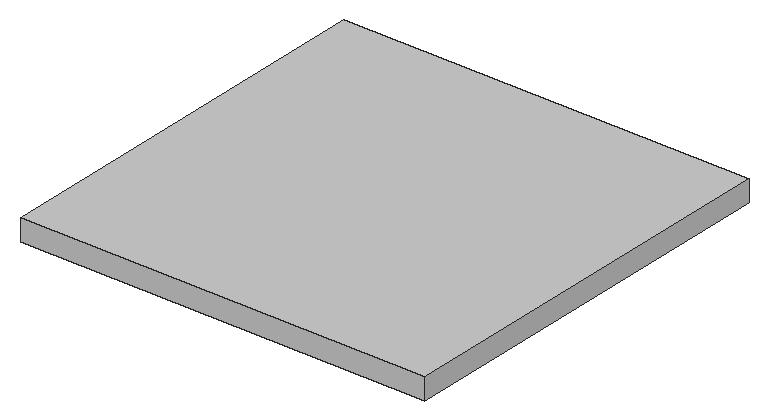
Revit family "p-260_315gb2-gv", category 機械設備, Revit 2019
Family settings
  丸型コネクタ寸法 = 直径を使用
  パーツ タイプ = 標準
  OmniClass 番号 = 23.75.35.17.27
  OmniClass タイトル = Centrifugal Fans
  作業面ベース = いいえ
  常に垂直 = はい
  ロード時にボイドで切り取り = いいえ
  共有 = いいえ
  部屋計算ポイント = はい
Parameters (values of type "P-315GB2-GV")
  電圧 = 100 V
  質量 = 0.528 kg
  負荷分類 = 3_ファン類
  説明 = "ダクト用換気扇 別売グリル インテリア格子タイプ<プレミアムシルバー>"
  製造元 = "三菱電機株式会社"
  製品質量 = 0.44 kg
  製品出荷対象 = "国内"
  製品リリース年月 = "2015年6月1日"
  積算_科目 = "2 換気設備"
  相 = 1
  消費電力 = 36 W
  極数 = 2
  始動方式 [instance] = "直入"
  分類コード = "50052503100030"
  価格 = 14600
  企業コード = "108420"
  仕様書バージョン = "Version1.0"
  モデル = "P-315GB2-GV"
  マテリアル = 合成樹脂(シルバー)
  Type Comments = ""
  Keynote = ""
  Assembly Code = ""
  Width = 380 mm
  URL = "https://www.mitsubishielectric.co.jp/ldg/wink/qr/002/256097/"
  Height = 20 mm
  Depth = 380 mm
  Author = "三菱電機株式会社"
Types (2, lengths in mm): name | 質量 | 製品質量 | 価格 | モデル | Width | URL | Height | Depth
  P-260GB2-GV | 0.42 kg | 0.35 kg | 11600 | "P-260GB2-GV" | 335 | "https://www.mitsubishielectric.co.jp/ldg/wink/qr/002/256094/" | 19 | 335
  P-315GB2-GV | 0.528 kg | 0.44 kg | 14600 | "P-315GB2-GV" | 380 | "https://www.mitsubishielectric.co.jp/ldg/wink/qr/002/256097/" | 20 | 380
Reference planes
  plane 1 "中心(正面/背面)": y = 0
  plane 2: z = 0
  plane 3 "中心(左/右)": x = 0
  plane 4: x = -190
  plane 5: x = 190
  plane 6: y = 190
  plane 7: y = -190
  plane 8: z = -20
Forms (mm)
  Extrusion 1, solid, material "合成樹脂(シルバー)" <- "マテリアル"
    sketch origin (0, 0, 0) x (1, 0, 0) y (0, 1, 0)
      loop
        line (-190, 190) -> (-190, -190) -> (190, -190) -> (190, 190) -> (-190, 190)
    from -20 to 0
Dimensions and locks
  "Width": plane 4 to plane 5
  equal spacing: plane 4, plane 3 "中心(左/右)", plane 5
  "Depth": plane 6 to plane 7
  equal spacing: plane 6, plane 1 "中心(正面/背面)", plane 7
  "Height": plane 2 to plane 8
  aligned and locked: level to plane 2
  aligned and locked: plane 6 to Extrusion 1
  aligned and locked: plane 5 to Extrusion 1
  aligned and locked: Extrusion 1 to plane 7
  aligned and locked: Extrusion 1 to plane 4
  aligned and locked: plane 2 to Extrusion 1
  aligned and locked: Extrusion 1 to plane 8
  aligned and locked: plane 7 to Extrusion 1 sketch curve
  aligned and locked: Extrusion 1 sketch curve to plane 5
Automatic sketch dimensions
  Extrusion 1 sketch curve to plane 4 = 0 mm
  Extrusion 1 sketch curve to plane 6 = 0 mm
